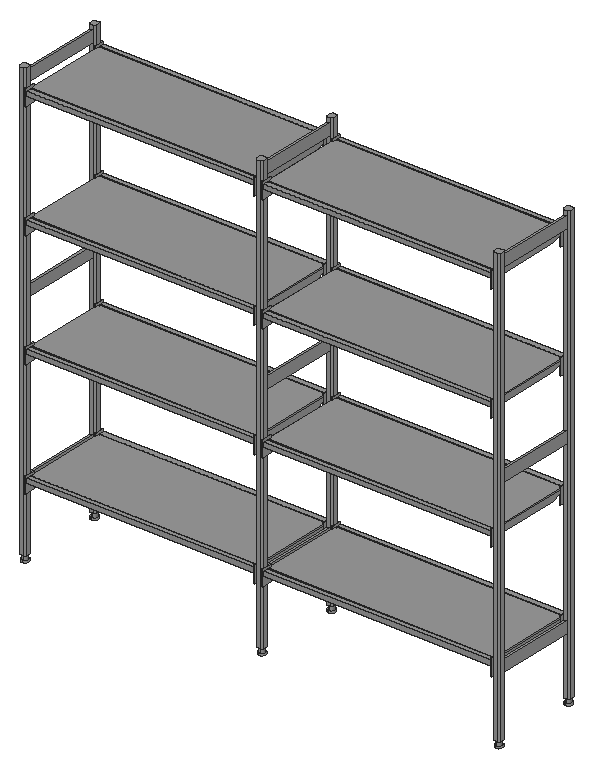
Revit family "QF_ZANUSSI_137022_ALS1872", category Attrezzature speciali, Revit 2020
Family settings
  Quota connettore circolare = Usa diametro
  Tipo di parte = Normale
  Basato su piano di lavoro = No
  Sempre verticale = Sì
  Taglio con vuoti quando caricato = No
  Condiviso = No
  Punto di calcolo locali = No
Parameters (values of type "Standard")
  Weight = 33.00 kg
  Watts = 0 W
  Volts = 0 V
  URL Manufacturer = "http://www.zanussiprofessional.com"
  URL = "http://www.zanussiprofessional.com"
  Steam Supply Size = 0 mm
  Steam Supply Minimum Pressure = 0.0 Pa
  Steam Supply Maximum Pressure = 0.0 Pa
  Steam Consumption per Hour = 0
  Refrigeration Suction Line Size = 0.0 mm
  Refrigeration Liquid Line Size = 0.0 mm
  Refrigerant Compressor Remote = yes
  Prospetto di default = 0.0 mm
  Phase = 0
  Modello = "ALS1872"
  Produttore = "Zanussi"
  Length Actual = 1872.0 mm  # constant formula
  Item Number = "137022"
  Hot Water Size = 0 mm
  Height Actual = 1700.0 mm  # constant formula
  HP = "0 HP"
  Gas Size = 0 mm
  Gas KW = 0
  Gas Input Pressure = 0 W
  Direct Waste Size = 0 mm
  Descrizione = "ALUM.LINEAR SHELV.-POLY.TIERS-373X1872MM"
  Depth Actual = 373.0 mm  # constant formula
  Cycle = 0 Hz
  Condensate Return Size = 0 mm
  Compressed Air Volume = 0.0 L/s
  Compressed Air Size = 0 mm
  Compressed Air Pressure = 0.0 Pa
  Cold Water Size = 0 mm
  Accessory = yes
Reference planes
  plane 1: z = 0
  plane 2 "CenterLeft": x = -31
  plane 3 "LEFT": x = -417
  plane 4 "BACK": y = 23
  plane 5 "FRONT": y = -350
  plane 6 "TOP": z = 1700
  plane 7: x = -385
  plane 8: x = 501
  plane 9 "Center (Front/Back)": y = -163.5
  plane 10: y = -8.5
  plane 11: y = -318.5
  plane 12 "FEET": z = 25
  plane 13: z = 275
  plane 14: z = 725
  plane 15: z = 1175
  plane 16: z = 1625
  plane 17 "CXLeft": x = -403
  plane 18 "Center (Left/Right)": x = 519
  plane 19: y = 5.5
  plane 20 "CYBack": y = 5.5
  plane 21 "CYFront": y = -332.5
  plane 22 "RIGHT": x = 1455
  plane 23: x = 1423
  plane 24 "CXRight": x = 1441
  plane 25: x = 537
Forms (mm)
  Extrusion 1, solid, material "QF_Aluminum"
    sketch origin (-417, 0, -4.006) x (0, 1, 0) y (0, 0, 1)
      loop
        line (-12, 1637.003) -> (4, 1637.003) -> (4, 1655) -> (2.007, 1655) -> (2.007, 1648.501) -> (-329, 1648.501) -> (-329, 1655) -> (-331, 1655) -> (-331, 1637.003) -> (-315, 1637.003) -> (-281, 1625) -> (-46, 1625) -> (-12, 1637.003)
      loop
        line (-12, 1187.003) -> (4, 1187.003) -> (4, 1205) -> (2.007, 1205) -> (2.007, 1198.501) -> (-329, 1198.501) -> (-329, 1205) -> (-331, 1205) -> (-331, 1187.003) -> (-315, 1187.003) -> (-281, 1175) -> (-46, 1175) -> (-12, 1187.003)
      loop
        line (-12, 737.003) -> (4, 737.003) -> (4, 755) -> (2.007, 755) -> (2.007, 748.501) -> (-329, 748.501) -> (-329, 755) -> (-331, 755) -> (-331, 737.003) -> (-315, 737.003) -> (-281, 725) -> (-46, 725) -> (-12, 737.003)
      loop
        line (-12, 287.003) -> (4, 287.003) -> (4, 305) -> (2.007, 305) -> (2.007, 298.501) -> (-329, 298.501) -> (-329, 305) -> (-331, 305) -> (-331, 287.003) -> (-315, 287.003) -> (-281, 275) -> (-46, 275) -> (-12, 287.003)
    from 37 to 32
  Extrusion 2, solid, material "QF_Aluminum"
    sketch origin (-417, 0, 0) x (0, 1, 0) y (0, 0, 1)
      loop
        line (23, 246.005) -> (23, 307.993) -> (-12.993, 307.993) -> (-12.993, 246.005) -> (23, 246.005)
      loop
        line (-350, 246.005) -> (-314.007, 246.005) -> (-314.007, 307.993) -> (-350, 307.993) -> (-350, 246.005)
      loop
        line (23, 696.005) -> (23, 757.993) -> (-12.993, 757.993) -> (-12.993, 696.005) -> (23, 696.005)
      loop
        line (-350, 696.005) -> (-314.007, 696.005) -> (-314.007, 757.993) -> (-350, 757.993) -> (-350, 696.005)
      loop
        line (23, 1146.005) -> (23, 1207.993) -> (-12.993, 1207.993) -> (-12.993, 1146.005) -> (23, 1146.005)
      loop
        line (-350, 1146.005) -> (-314.007, 1146.005) -> (-314.007, 1207.993) -> (-350, 1207.993) -> (-350, 1146.005)
      loop
        line (23, 1596.005) -> (23, 1657.993) -> (-12.993, 1657.993) -> (-12.993, 1596.005) -> (23, 1596.005)
      loop
        line (-350, 1596.005) -> (-314.007, 1596.005) -> (-314.007, 1657.993) -> (-350, 1657.993) -> (-350, 1596.005)
    from 28 to 32
  Extrusion 3, solid, material "QF_Aluminum"
    sketch origin (-417, 0, 0) x (0, 1, 0) y (0, 0, 1)
      loop
        line (4, 1650.994) -> (4, 1632.998) -> (23, 1632.998) -> (23, 1650.994) -> (4, 1650.994)
      loop
        line (-331, 1650.994) -> (-350, 1650.994) -> (-350, 1632.998) -> (-331, 1632.998) -> (-331, 1650.994)
      loop
        line (4, 1200.994) -> (4, 1182.998) -> (23, 1182.998) -> (23, 1200.994) -> (4, 1200.994)
      loop
        line (-331, 1200.994) -> (-350, 1200.994) -> (-350, 1182.998) -> (-331, 1182.998) -> (-331, 1200.994)
      loop
        line (4, 750.994) -> (4, 732.998) -> (23, 732.998) -> (23, 750.994) -> (4, 750.994)
      loop
        line (-331, 750.994) -> (-350, 750.994) -> (-350, 732.998) -> (-331, 732.998) -> (-331, 750.994)
      loop
        line (4, 300.994) -> (4, 282.998) -> (23, 282.998) -> (23, 300.994) -> (4, 300.994)
      loop
        line (-331, 300.994) -> (-350, 300.994) -> (-350, 282.998) -> (-331, 282.998) -> (-331, 300.994)
    from 32 to 918
  Extrusion 4, solid, material "QF_Polyethylene"
    sketch origin (-417, 0, 0) x (0, 1, 0) y (0, 0, 1)
      loop
        line (2.007, 1650.994) -> (-329, 1650.994) -> (-329, 1644.496) -> (2.007, 1644.496) -> (2.007, 1650.994)
      loop
        line (2.007, 1200.994) -> (-329, 1200.994) -> (-329, 1194.496) -> (2.007, 1194.496) -> (2.007, 1200.994)
      loop
        line (2.007, 750.994) -> (-329, 750.994) -> (-329, 744.496) -> (2.007, 744.496) -> (2.007, 750.994)
      loop
        line (2.007, 300.994) -> (-329, 300.994) -> (-329, 294.496) -> (2.007, 294.496) -> (2.007, 300.994)
    from 32 to 918
  Extrusion 5, solid, material "QF_Aluminum"
    sketch origin (1455, 0, 0) x (0, 1, 0) y (0, 0, 1)
      loop
        line (4, 1650.994) -> (4, 1632.998) -> (23, 1632.998) -> (23, 1650.994) -> (4, 1650.994)
      loop
        line (-331, 1650.994) -> (-350, 1650.994) -> (-350, 1632.998) -> (-331, 1632.998) -> (-331, 1650.994)
      loop
        line (4, 1200.994) -> (4, 1182.998) -> (23, 1182.998) -> (23, 1200.994) -> (4, 1200.994)
      loop
        line (-331, 1200.994) -> (-350, 1200.994) -> (-350, 1182.998) -> (-331, 1182.998) -> (-331, 1200.994)
      loop
        line (4, 750.994) -> (4, 732.998) -> (23, 732.998) -> (23, 750.994) -> (4, 750.994)
      loop
        line (-331, 750.994) -> (-350, 750.994) -> (-350, 732.998) -> (-331, 732.998) -> (-331, 750.994)
      loop
        line (4, 300.994) -> (4, 282.998) -> (23, 282.998) -> (23, 300.994) -> (4, 300.994)
      loop
        line (-331, 300.994) -> (-350, 300.994) -> (-350, 282.998) -> (-331, 282.998) -> (-331, 300.994)
    from -32 to -918
  Extrusion 6, solid, material "QF_Polyethylene"
    sketch origin (1455, 0, 0) x (0, 1, 0) y (0, 0, 1)
      loop
        line (2.007, 1650.994) -> (-329, 1650.994) -> (-329, 1644.496) -> (2.007, 1644.496) -> (2.007, 1650.994)
      loop
        line (2.007, 1200.994) -> (-329, 1200.994) -> (-329, 1194.496) -> (2.007, 1194.496) -> (2.007, 1200.994)
      loop
        line (2.007, 750.994) -> (-329, 750.994) -> (-329, 744.496) -> (2.007, 744.496) -> (2.007, 750.994)
      loop
        line (2.007, 300.994) -> (-329, 300.994) -> (-329, 294.496) -> (2.007, 294.496) -> (2.007, 300.994)
    from -32 to -918
Lines and regions (mm)
  symbolic lines
    curve 1: line (501, 4, 1700) -> (-385, 4, 1700)
    curve 2: line (-408, -8.5, 1700) -> (-408, -318.5, 1700)
    curve 3: line (-398, -318.5, 1700) -> (-398, -8.5, 1700)
    curve 4: line (-389, 23, 1700) -> (505, 23, 1700)
    curve 5: line (-385, -350, 1700) -> (501, -350, 1700)
    curve 6: line (533, 23, 1700) -> (1427, 23, 1700)
    curve 7: line (533, -350, 1700) -> (1427, -350, 1700)
    curve 8: line (-385, -331, 1700) -> (501, -331, 1700)
    curve 9: line (537, -331, 1700) -> (1423, -331, 1700)
    curve 10: line (537, 4, 1700) -> (1423, 4, 1700)
    curve 11: line (1423, -12.993, 1700) -> (1423, -314.007, 1700)
    curve 12: line (501, -12.993, 1700) -> (501, -314.007, 1700)
    curve 13: line (537, -314.007, 1700) -> (537, -12.993, 1700)
    curve 14: line (-385, -12.993, 1700) -> (-385, -314.007, 1700)
Dimensions and locks
  plane 3 "LEFT" to plane 2 "CenterLeft" = 386.0 mm
  locked: plane 6 "TOP" to level at 1700
  locked: plane 4 "BACK" to plane 5 "FRONT" at 373
  locked: plane 7 to plane 8 at 886
  locked: plane 10 to plane 11 at 310
  equal spacing: plane 10, plane 9 "Center (Front/Back)", plane 11
  equal spacing: plane 4 "BACK", plane 9 "Center (Front/Back)", plane 5 "FRONT"
  plane 12 "FEET" to level = 25.0 mm
  plane 6 "TOP" to plane 12 "FEET" = 1675.0 mm
  plane 13 to plane 12 "FEET" = 250.0 mm
  plane 14 to plane 13 = 450.0 mm
  plane 15 to plane 14 = 450.0 mm
  plane 16 to plane 15 = 450.0 mm
  locked: plane 4 "BACK" to plane 20 "CYBack" at 17.5
  locked: plane 21 "CYFront" to plane 5 "FRONT" at 17.5
  locked: plane 4 "BACK" to Extrusion 1 at 19
  locked: Extrusion 1 to plane 5 "FRONT" at 19
  Extrusion 1 sketch curve to plane 21 "CYFront" = 3.5 mm
  plane 3 "LEFT" to plane 22 "RIGHT" = 1872.0 mm
  locked: plane 25 to plane 23 at 886
  locked: plane 8 to plane 18 "Center (Left/Right)" at 18
  locked: plane 18 "Center (Left/Right)" to plane 25 at 18
  locked: plane 3 "LEFT" to plane 7 at 32
  locked: plane 24 "CXRight" to plane 22 "RIGHT" at 14
  aligned and locked: level to plane 1
  aligned and locked: plane 7 to Extrusion 1
  aligned and locked: Extrusion 2 to plane 7
  aligned and locked: plane 7 to Extrusion 4
  aligned and locked: Extrusion 4 to plane 8
  aligned and locked: plane 7 to Extrusion 3
  aligned and locked: Extrusion 3 to plane 8
  aligned and locked: Extrusion 3 sketch curve to Extrusion 1
  aligned and locked: Extrusion 1 to Extrusion 3 sketch curve
  aligned and locked: Extrusion 3 sketch curve to Extrusion 3 sketch curve  (x2)
  aligned and locked: Extrusion 1 sketch curve to Extrusion 1 sketch curve  (x3)
  aligned and locked: Extrusion 4 sketch curve to Extrusion 1  (x4)
  aligned and locked: Extrusion 5 sketch curve to Extrusion 5 sketch curve  (x2)
  aligned and locked: Extrusion 5 to plane 25
  aligned and locked: Extrusion 6 to plane 25
  aligned and locked: plane 18 "Center (Left/Right)" to nested 3
  aligned and locked: plane 17 "CXLeft" to nested 1
  aligned and locked: Extrusion 3 to plane 7  (x3)
  aligned and locked: plane 8 to Extrusion 3  (x4)
  aligned and locked: plane 25 to Extrusion 5  (x4)
  aligned and locked: plane 25 to Extrusion 6  (x4)
  aligned and locked: plane 8 to Extrusion 4  (x4)
  aligned and locked: plane 24 "CXRight" to nested 2
  aligned and locked: Extrusion 5 to plane 23
  aligned and locked: Extrusion 6 to plane 23
  aligned and locked: plane 23 to Extrusion 5  (x3)
  aligned and locked: plane 23 to Extrusion 6  (x3)
Automatic sketch dimensions
  plane 21 "CYFront" to Extrusion 1 sketch curve = 1.5 mm  (x4)
  plane 11 to Extrusion 1 sketch curve = 3.5 mm  (x4)
  Extrusion 1 sketch curve to plane 13 = 4.006 mm
  Extrusion 1 sketch curve to Extrusion 1 sketch curve = 34.0 mm  (x4)
  Extrusion 1 sketch curve to plane 14 = 4.006 mm
  Extrusion 1 sketch curve to plane 15 = 4.006 mm
  Extrusion 1 sketch curve to plane 16 = 4.006 mm
  Extrusion 1 sketch curve to plane 10 = 37.5 mm  (x4)
  Extrusion 1 sketch curve to plane 10 = 3.5 mm  (x4)
  plane 19 to Extrusion 1 sketch curve = 3.493 mm  (x4)
  plane 19 to Extrusion 1 sketch curve = 1.5 mm  (x4)
  plane 13 to Extrusion 1 sketch curve = 7.998 mm  (x2)
  Extrusion 1 sketch curve to Extrusion 1 sketch curve = 11.498 mm  (x4)
  Extrusion 1 sketch curve to Extrusion 1 sketch curve = 6.499 mm  (x8)
  plane 14 to Extrusion 1 sketch curve = 7.998 mm  (x2)
  plane 15 to Extrusion 1 sketch curve = 7.998 mm  (x2)
  plane 16 to Extrusion 1 sketch curve = 7.998 mm  (x2)
  Extrusion 2 sketch curve to plane 5 "FRONT" = 0.0 mm  (x4)
  Extrusion 2 sketch curve to plane 4 "BACK" = 0.0 mm  (x4)
  plane 11 to Extrusion 2 sketch curve = 4.493 mm  (x4)
  Extrusion 2 sketch curve to plane 10 = 4.493 mm  (x4)
  Extrusion 2 sketch curve to plane 13 = 28.995 mm  (x2)
  plane 13 to Extrusion 2 sketch curve = 32.993 mm  (x2)
  Extrusion 2 sketch curve to plane 14 = 28.995 mm  (x2)
  plane 14 to Extrusion 2 sketch curve = 32.993 mm  (x2)
  Extrusion 2 sketch curve to plane 15 = 28.995 mm  (x2)
  plane 15 to Extrusion 2 sketch curve = 32.993 mm  (x2)
  Extrusion 2 sketch curve to plane 16 = 28.995 mm  (x2)
  plane 16 to Extrusion 2 sketch curve = 32.993 mm  (x2)
  Extrusion 3 sketch curve to plane 5 "FRONT" = 0.0 mm  (x4)
  Extrusion 3 sketch curve to plane 4 "BACK" = 0.0 mm  (x4)
  plane 19 to Extrusion 3 sketch curve = 1.5 mm  (x4)
  plane 13 to Extrusion 3 sketch curve = 7.998 mm  (x2)
  Extrusion 3 sketch curve to Extrusion 3 sketch curve = 17.997 mm  (x8)
  plane 14 to Extrusion 3 sketch curve = 7.998 mm  (x2)
  plane 15 to Extrusion 3 sketch curve = 7.998 mm  (x2)
  plane 16 to Extrusion 3 sketch curve = 7.998 mm  (x2)
  plane 19 to Extrusion 4 sketch curve = 3.493 mm  (x4)
  plane 13 to Extrusion 4 sketch curve = 19.496 mm
  Extrusion 4 sketch curve to Extrusion 4 sketch curve = 6.499 mm  (x4)
  plane 14 to Extrusion 4 sketch curve = 19.496 mm
  plane 15 to Extrusion 4 sketch curve = 19.496 mm
  plane 16 to Extrusion 4 sketch curve = 19.496 mm
  Extrusion 5 sketch curve to plane 5 "FRONT" = 0.0 mm  (x4)
  Extrusion 5 sketch curve to plane 4 "BACK" = 0.0 mm  (x4)
  plane 21 "CYFront" to Extrusion 5 sketch curve = 1.5 mm  (x2)
  plane 19 to Extrusion 5 sketch curve = 1.5 mm  (x4)
  plane 13 to Extrusion 5 sketch curve = 7.998 mm  (x2)
  Extrusion 5 sketch curve to Extrusion 5 sketch curve = 17.997 mm  (x8)
  plane 14 to Extrusion 5 sketch curve = 7.998 mm  (x2)
  plane 15 to Extrusion 5 sketch curve = 7.998 mm  (x2)
  plane 16 to Extrusion 5 sketch curve = 7.998 mm  (x2)
  plane 21 "CYFront" to Extrusion 6 sketch curve = 3.5 mm  (x4)
  plane 19 to Extrusion 6 sketch curve = 3.493 mm  (x4)
  plane 13 to Extrusion 6 sketch curve = 19.496 mm
  Extrusion 6 sketch curve to Extrusion 6 sketch curve = 6.499 mm  (x4)
  plane 14 to Extrusion 6 sketch curve = 19.496 mm
  plane 15 to Extrusion 6 sketch curve = 19.496 mm
  plane 16 to Extrusion 6 sketch curve = 19.496 mm
  curve 7 to plane 5 "FRONT" = 0.0 mm
  curve 5 to plane 5 "FRONT" = 0.0 mm
  curve 8 to plane 8 = 0.0 mm
  curve 9 to plane 25 = 0.0 mm
  curve 9 to plane 23 = 0.0 mm
  curve 8 to plane 7 = 0.0 mm
  curve 2 to plane 11 = 0.0 mm
  curve 3 to plane 11 = 0.0 mm
  curve 14 to plane 7 = 0.0 mm
  curve 13 to plane 25 = 0.0 mm
  curve 12 to plane 8 = 0.0 mm
  curve 11 to plane 23 = 0.0 mm
  curve 3 to plane 10 = 0.0 mm
  curve 2 to plane 10 = 0.0 mm
  curve 1 to plane 8 = 0.0 mm
  curve 1 to plane 7 = 0.0 mm
  curve 10 to plane 23 = 0.0 mm
  curve 10 to plane 25 = 0.0 mm
  curve 4 to plane 4 "BACK" = 0.0 mm
  curve 6 to plane 4 "BACK" = 0.0 mm
  curve 5 to plane 8 = 0.0 mm
  curve 5 to plane 7 = 0.0 mm
  plane 21 "CYFront" to curve 8 = 1.5 mm
  plane 21 "CYFront" to curve 9 = 1.5 mm
  plane 11 to curve 14 = 4.493 mm
  plane 11 to curve 13 = 4.493 mm
  plane 11 to curve 12 = 4.493 mm
  plane 11 to curve 11 = 4.493 mm
  curve 14 to plane 10 = 4.493 mm
  curve 13 to plane 10 = 4.493 mm
  curve 12 to plane 10 = 4.493 mm
  curve 11 to plane 10 = 4.493 mm
  plane 19 to curve 1 = 1.5 mm
  plane 19 to curve 10 = 1.5 mm
  curve 6 to plane 23 = 4.0 mm
  curve 7 to plane 23 = 4.0 mm
  curve 6 to plane 25 = 4.0 mm
  curve 7 to plane 25 = 4.0 mm
  curve 4 to plane 8 = 4.0 mm
  plane 7 to curve 4 = 4.0 mm
  plane 17 "CXLeft" to curve 3 = 5.0 mm
  curve 2 to plane 17 "CXLeft" = 5.0 mm
Nested families
  nested 1: "WT_Anta373" at (0, 0, 0), type "WT_Anta373"
  nested 2: "WT_Anta373" at (1038, 0, 0) x (-1, 0, 0) z (0, 0, 1), type "WT_Anta373"
  nested 3: "WT_Anta373Center" at (922, 0, 0), type "WT_Anta373Center"
Definition of nested family "WT_Anta373"
  Parameters
    WidthLeft = A + 64.0 mm  # 772.0 mm
    Width = 1606.0 mm
    Right = WidthLeft / 2  # 386.0 mm
    Default Elevation = 0.0 mm
    Left = -WidthLeft / 2  # -386.0 mm
    Height = 1725.0 mm
    FEET = 25.0 mm
    E = 0.0 mm
    Dint = Depth - 63.0 mm  # 310.0 mm
    Dext = Depth - 8.0 mm  # 365.0 mm
    Depth = 373.0 mm
    DX = (WidthLeft - A) / 2  # 32.0 mm
    B = 798.0 mm
    A = 708.0 mm
  Reference planes
    plane 1: z = 0
    plane 2 "LEFT": x = -417
    plane 3 "BACK": y = 23
    plane 4 "FRONT": y = -350
    plane 5 "TOP": z = 1725
    plane 6 "Center (Front/Back)": y = -163.5
    plane 7: y = -8.5
    plane 8: y = -318.5
    plane 9 "FEET": z = 25
    plane 10: z = 275
    plane 11: z = 725
    plane 12: z = 1175
    plane 13: z = 1625
    plane 14 "CXLeft": x = -403
    plane 15: y = 5.5
    plane 16 "CYBack": y = 5.5
    plane 17 "CYFront": y = -332.5
    plane 18: x = -385.031
    plane 19: x = -380.031
  Forms (mm)
    Extrusion 1, solid
      sketch origin (0, 0, 0) x (1, 0, 0) y (0, 1, 0)
        loop
          line (-417, 13.246) -> (-417, -2.246) -> (-410.746, -8.5) -> (-395.254, -8.5) -> (-389, -2.246) -> (-389, 13.246) -> (-395.254, 19.5) -> (-410.746, 19.5) -> (-417, 13.246)
      from 1725 to 25
    Extrusion 2, solid
      sketch origin (-417, 0, 0) x (0, 1, 0) y (0, 0, 1)
        loop
          line (23, 246.005) -> (23, 307.993) -> (-12.993, 307.993) -> (-12.993, 246.005) -> (23, 246.005)
        loop
          line (-350, 246.005) -> (-314.007, 246.005) -> (-314.007, 307.993) -> (-350, 307.993) -> (-350, 246.005)
        loop
          line (23, 696.005) -> (23, 757.993) -> (-12.993, 757.993) -> (-12.993, 696.005) -> (23, 696.005)
        loop
          line (-350, 696.005) -> (-314.007, 696.005) -> (-314.007, 757.993) -> (-350, 757.993) -> (-350, 696.005)
        loop
          line (23, 1146.005) -> (23, 1207.993) -> (-12.993, 1207.993) -> (-12.993, 1146.005) -> (23, 1146.005)
        loop
          line (-350, 1146.005) -> (-314.007, 1146.005) -> (-314.007, 1207.993) -> (-350, 1207.993) -> (-350, 1146.005)
        loop
          line (23, 1596.005) -> (23, 1657.993) -> (-12.993, 1657.993) -> (-12.993, 1596.005) -> (23, 1596.005)
        loop
          line (-350, 1596.005) -> (-314.007, 1596.005) -> (-314.007, 1657.993) -> (-350, 1657.993) -> (-350, 1596.005)
      from 28 to 32
    Revolve 3, solid
      sketch origin (-403, 0, 0) x (0, 1, 0) y (0, 0, 1)
        loop
          line (5.5, 25) -> (5.5, 0) -> (19, 0) -> (19, 5) -> (14, 5) -> (14, 25) -> (5.5, 25)
        axis (5.5, 25) -> (5.5, 0)
      angle from 0 to 360
    Extrusion 4, solid
      sketch origin (-403, 0, 0) x (0, 1, 0) y (0, 0, 1)
        loop
          line (-8.5, 912.382) -> (-8.5, 957.374) -> (-318.5, 957.374) -> (-318.5, 912.382) -> (-8.5, 912.382)
        loop
          line (-8.5, 1662.244) -> (-8.5, 1707.236) -> (-318.5, 1707.236) -> (-318.5, 1662.244) -> (-8.5, 1662.244)
      from -5 to 5
    Revolve 5, solid
      sketch origin (-403, -627, 0) x (0, -1, 0) y (0, 0, 1)
        loop
          line (-294.5, 25) -> (-294.5, 0) -> (-281, 0) -> (-281, 5) -> (-286, 5) -> (-286, 25) -> (-294.5, 25)
        axis (-294.5, 25) -> (-294.5, 0)
      angle from 0 to 360
    Extrusion 6, solid
      sketch origin (0, -627, 0) x (1, 0, 0) y (0, 1, 0)
        loop
          line (-417, 286.754) -> (-410.746, 280.5) -> (-395.254, 280.5) -> (-389, 286.754) -> (-389, 302.246) -> (-395.254, 308.5) -> (-410.746, 308.5) -> (-417, 302.246) -> (-417, 286.754)
      from 1725 to 25
    Extrusion 7, solid
      sketch origin (-417.031, -0.022, 0) x (0, 1, 0) y (0, 0, -1)
        loop
          line (-12, -1632.998) -> (-46, -1620.994) -> (-281, -1620.994) -> (-315, -1632.998) -> (-331, -1632.998) -> (-331, -1650.994) -> (-329, -1650.994) -> (-329, -1644.496) -> (2.007, -1644.496) -> (2.007, -1650.994) -> (4, -1650.994) -> (4, -1632.998) -> (-12, -1632.998)
        loop
          line (-12, -1182.998) -> (-46, -1170.994) -> (-281, -1170.994) -> (-315, -1182.998) -> (-331, -1182.998) -> (-331, -1200.994) -> (-329, -1200.994) -> (-329, -1194.496) -> (2.007, -1194.496) -> (2.007, -1200.994) -> (4, -1200.994) -> (4, -1182.998) -> (-12, -1182.998)
        loop
          line (-12, -732.998) -> (-46, -720.994) -> (-281, -720.994) -> (-315, -732.998) -> (-331, -732.998) -> (-331, -750.994) -> (-329, -750.994) -> (-329, -744.496) -> (2.007, -744.496) -> (2.007, -750.994) -> (4, -750.994) -> (4, -732.998) -> (-12, -732.998)
        loop
          line (-12, -282.998) -> (-46, -270.994) -> (-281, -270.994) -> (-315, -282.998) -> (-331, -282.998) -> (-331, -300.994) -> (-329, -300.994) -> (-329, -294.496) -> (2.007, -294.496) -> (2.007, -300.994) -> (4, -300.994) -> (4, -282.998) -> (-12, -282.998)
      from -32 to -37
    Extrusion 8, solid
      sketch origin (-403, 0, -659.878) x (0, 1, 0) y (0, 0, 1)
        loop
          line (-8.5, 912.382) -> (-8.5, 957.374) -> (-318.5, 957.374) -> (-318.5, 912.382) -> (-8.5, 912.382)
        loop
          line (-8.5, 1572.382) -> (-8.5, 1617.374) -> (-318.5, 1617.374) -> (-318.5, 1572.382) -> (-8.5, 1572.382)
        loop
          line (-8.5, 2322.382) -> (-8.5, 2367.374) -> (-318.5, 2367.374) -> (-318.5, 2322.382) -> (-8.5, 2322.382)
      from -5 to 5
  Lines and regions (mm)
    symbolic lines
      curve 1: line (-408, -8.5, 1725) -> (-408, -318.5, 1725)
      curve 2: line (-398, -318.5, 1725) -> (-398, -8.5, 1725)
      curve 3: line (-395.254, -8.5, 1725) -> (-410.746, -8.5, 1725)
      curve 4: line (-417, -2.246, 1725) -> (-410.746, -8.5, 1725)
      curve 5: line (-417, 13.246, 1725) -> (-417, -2.246, 1725)
      curve 6: line (-410.746, 19.5, 1725) -> (-417, 13.246, 1725)
      curve 7: line (-395.254, 19.5, 1725) -> (-410.746, 19.5, 1725)
      curve 8: line (-389, 13.246, 1725) -> (-395.254, 19.5, 1725)
      curve 9: line (-395.254, -8.5, 1725) -> (-389, -2.246, 1725)
      curve 10: line (-395.254, -318.5, 1725) -> (-410.746, -318.5, 1725)
      curve 11: line (-417, -324.754, 1725) -> (-410.746, -318.5, 1725)
      curve 12: line (-410.746, -346.5, 1725) -> (-417, -340.246, 1725)
      curve 13: line (-395.254, -346.5, 1725) -> (-410.746, -346.5, 1725)
      curve 14: line (-389, -340.246, 1725) -> (-395.254, -346.5, 1725)
      curve 15: line (-395.254, -318.5, 1725) -> (-389, -324.754, 1725)
      curve 16: line (-389, -350, 1725) -> (-389, -314.007, 1725)
      curve 17: line (-389, -314.007, 1725) -> (-385, -314.007, 1725)
      curve 18: line (-389, 23, 1725) -> (-389, -12.993, 1725)
      curve 19: line (-389, -12.993, 1725) -> (-385, -12.993, 1725)
      curve 20: line (-417, -324.754, 1725) -> (-417, -340.246, 1725)
      curve 21: line (-385, -350, 1725) -> (-385, -314.007, 1725)
      curve 22: line (-385, -350, 1725) -> (-389, -350, 1725)
      curve 23: line (-385, 23, 1725) -> (-389, 23, 1725)
      curve 24: line (-385, -12.993, 1725) -> (-385, 23, 1725)
      curve 25: line (-385.031, -13.016, 1725) -> (-385.031, -314.029, 1725)
  Dimensions and locks
    "Height": plane 5 "TOP" to level
    "Depth": plane 3 "BACK" to plane 4 "FRONT"
    "Dint": plane 7 to plane 8
    equal spacing: plane 7, plane 6 "Center (Front/Back)", plane 8
    equal spacing: plane 3 "BACK", plane 6 "Center (Front/Back)", plane 4 "FRONT"
    plane 9 "FEET" to level = 25.0 mm
    plane 5 "TOP" to plane 9 "FEET" = 1700.0 mm
    plane 10 to plane 9 "FEET" = 250.0 mm
    plane 11 to plane 10 = 450.0 mm
    plane 12 to plane 11 = 450.0 mm
    plane 13 to plane 12 = 450.0 mm
    locked: plane 2 "LEFT" to plane 14 "CXLeft" at 14
    locked: plane 3 "BACK" to plane 16 "CYBack" at 17.5
    locked: plane 17 "CYFront" to plane 4 "FRONT" at 17.5
    locked: Revolve 3 sketch curve to Revolve 3 sketch curve at 8.5
    locked: Revolve 3 sketch curve to plane 16 "CYBack" at 13.5
    locked: Revolve 5 sketch curve to Revolve 5 sketch curve at 8.5
    aligned and locked: level to plane 1
    aligned and locked: curve 20 to Extrusion 6
    aligned and locked: plane 5 "TOP" to Extrusion 1
    aligned and locked: plane 5 "TOP" to Extrusion 6
    aligned and locked: Extrusion 7 sketch curve to Extrusion 7 sketch curve  (x3)
  Automatic sketch dimensions
    curve 16 to plane 4 "FRONT" = 0.0 mm
    curve 11 to plane 8 = 0.0 mm
    curve 9 to plane 7 = 0.0 mm
    curve 5 to plane 2 "LEFT" = 0.0 mm
    curve 23 to plane 3 "BACK" = 0.0 mm
    plane 4 "FRONT" to curve 13 = 3.5 mm
    curve 20 to plane 17 "CYFront" = 7.746 mm
    curve 20 to plane 8 = 6.254 mm
    plane 8 to curve 16 = 4.493 mm
    curve 24 to plane 18 = 0.031 mm
    curve 24 to plane 7 = 4.493 mm
    plane 7 to curve 5 = 6.254 mm
    curve 5 to plane 15 = 7.746 mm
    curve 6 to plane 3 "BACK" = 3.5 mm
    curve 21 to plane 18 = 0.031 mm
    plane 18 to curve 23 = 3.969 mm
    plane 18 to curve 16 = 3.969 mm
    curve 18 to curve 8 = 6.254 mm
    curve 18 to curve 3 = 6.254 mm
    curve 16 to curve 13 = 6.254 mm
    curve 16 to curve 15 = 6.254 mm
    plane 2 "LEFT" to curve 10 = 6.254 mm
    plane 2 "LEFT" to curve 7 = 6.254 mm
    plane 2 "LEFT" to curve 12 = 6.254 mm
    plane 2 "LEFT" to curve 3 = 6.254 mm
    curve 14 to plane 17 "CYFront" = 7.746 mm
    curve 15 to plane 8 = 6.254 mm
    plane 7 to curve 9 = 6.254 mm
    curve 8 to plane 15 = 7.746 mm
    curve 3 to curve 2 = 2.746 mm
    curve 1 to curve 10 = 2.746 mm
    Extrusion 1 sketch curve to plane 2 "LEFT" = 0.0 mm
    Extrusion 1 sketch curve to plane 7 = 0.0 mm
    plane 2 "LEFT" to Extrusion 1 sketch curve = 6.254 mm  (x2)
    plane 14 "CXLeft" to Extrusion 1 sketch curve = 7.746 mm  (x2)
    Extrusion 1 sketch curve to plane 3 "BACK" = 3.5 mm
    plane 18 to Extrusion 1 sketch curve = 3.969 mm
    plane 7 to Extrusion 1 sketch curve = 6.254 mm  (x2)
    Extrusion 1 sketch curve to plane 15 = 7.746 mm  (x2)
    Extrusion 2 sketch curve to plane 4 "FRONT" = 0.0 mm  (x4)
    Extrusion 2 sketch curve to plane 3 "BACK" = 0.0 mm  (x4)
    plane 8 to Extrusion 2 sketch curve = 4.493 mm  (x4)
    Extrusion 2 sketch curve to plane 7 = 4.493 mm  (x4)
    Extrusion 2 sketch curve to plane 10 = 28.995 mm  (x2)
    plane 10 to Extrusion 2 sketch curve = 32.993 mm  (x2)
    Extrusion 2 sketch curve to plane 11 = 28.995 mm  (x2)
    plane 11 to Extrusion 2 sketch curve = 32.993 mm  (x2)
    Extrusion 2 sketch curve to plane 12 = 28.995 mm  (x2)
    plane 12 to Extrusion 2 sketch curve = 32.993 mm  (x2)
    Extrusion 2 sketch curve to plane 13 = 28.995 mm  (x2)
    plane 13 to Extrusion 2 sketch curve = 32.993 mm  (x2)
    Revolve 3 sketch curve to plane 9 "FEET" = 0.0 mm  (x2)
    Revolve 3 sketch curve to plane 15 = 0.0 mm  (x2)
    Revolve 3 sketch curve to level = 0.0 mm
    level to Revolve 3 sketch curve = 5.0 mm
    Revolve 3 sketch curve to Revolve 3 sketch curve = 11.655 mm
    Extrusion 4 sketch curve to plane 8 = 0.0 mm  (x2)
    Extrusion 4 sketch curve to plane 7 = 0.0 mm  (x2)
    plane 11 to Extrusion 4 sketch curve = 187.382 mm
    Extrusion 4 sketch curve to Extrusion 4 sketch curve = 44.992 mm
    plane 13 to Extrusion 4 sketch curve = 37.244 mm
    Extrusion 4 sketch curve to plane 5 "TOP" = 17.764 mm
    Revolve 5 sketch curve to plane 9 "FEET" = 0.0 mm  (x2)
    Revolve 5 sketch curve to plane 17 "CYFront" = 0.0 mm  (x2)
    Revolve 5 sketch curve to level = 0.0 mm
    Revolve 5 sketch curve to plane 4 "FRONT" = 4.0 mm
    Revolve 5 sketch curve to Revolve 5 sketch curve = 5.0 mm
    level to Revolve 5 sketch curve = 11.655 mm
    Extrusion 6 sketch curve to plane 2 "LEFT" = 0.0 mm
    Extrusion 6 sketch curve to plane 8 = 0.0 mm
    Extrusion 6 sketch curve to plane 2 "LEFT" = 6.254 mm  (x2)
    Extrusion 6 sketch curve to plane 14 "CXLeft" = 7.746 mm  (x2)
    Extrusion 6 sketch curve to plane 4 "FRONT" = 3.5 mm
    Extrusion 6 sketch curve to plane 18 = 3.969 mm
    plane 8 to Extrusion 6 sketch curve = 6.254 mm  (x2)
    plane 17 "CYFront" to Extrusion 6 sketch curve = 7.746 mm  (x2)
    plane 17 "CYFront" to Extrusion 7 sketch curve = 1.478 mm  (x4)
    Extrusion 7 sketch curve to Extrusion 7 sketch curve = 2.0 mm
    plane 8 to Extrusion 7 sketch curve = 3.478 mm  (x4)
    Extrusion 7 sketch curve to plane 10 = 4.006 mm
    Extrusion 7 sketch curve to Extrusion 7 sketch curve = 34.0 mm  (x4)
    Extrusion 7 sketch curve to plane 11 = 4.006 mm
    Extrusion 7 sketch curve to plane 12 = 4.006 mm
    Extrusion 7 sketch curve to plane 13 = 4.006 mm
    Extrusion 7 sketch curve to plane 7 = 37.522 mm  (x4)
    Extrusion 7 sketch curve to plane 7 = 3.522 mm  (x4)
    plane 15 to Extrusion 7 sketch curve = 3.516 mm  (x4)
    plane 15 to Extrusion 7 sketch curve = 1.522 mm  (x4)
    plane 13 to Extrusion 7 sketch curve = 7.998 mm  (x2)
    Extrusion 7 sketch curve to Extrusion 7 sketch curve = 11.498 mm
    Extrusion 7 sketch curve to Extrusion 7 sketch curve = 6.499 mm  (x5)
    plane 12 to Extrusion 7 sketch curve = 25.994 mm  (x2)
    plane 12 to Extrusion 7 sketch curve = 7.998 mm  (x2)
    plane 11 to Extrusion 7 sketch curve = 25.994 mm  (x2)
    plane 11 to Extrusion 7 sketch curve = 7.998 mm  (x2)
    plane 10 to Extrusion 7 sketch curve = 25.994 mm  (x2)
    plane 10 to Extrusion 7 sketch curve = 7.998 mm  (x2)
    curve 25 to plane 18 = 0.0 mm
    plane 8 to curve 25 = 4.471 mm
    curve 25 to plane 7 = 4.516 mm
    Extrusion 8 sketch curve to plane 8 = 0.0 mm  (x3)
    Extrusion 8 sketch curve to plane 7 = 0.0 mm  (x3)
    Extrusion 8 sketch curve to plane 10 = 22.496 mm
    plane 10 to Extrusion 8 sketch curve = 22.496 mm
    plane 11 to Extrusion 8 sketch curve = 187.504 mm
    Extrusion 8 sketch curve to Extrusion 8 sketch curve = 44.992 mm
    plane 13 to Extrusion 8 sketch curve = 37.504 mm
    Extrusion 8 sketch curve to plane 5 "TOP" = 17.504 mm
Definition of nested family "WT_Anta373Center"
  Parameters
    WidthLeft = A + 64.0 mm  # 772.0 mm
    Width = 1606.0 mm
    Right = WidthLeft / 2  # 386.0 mm
    Default Elevation = 0.0 mm
    Left = -WidthLeft / 2  # -386.0 mm
    Height = 1725.0 mm
    FEET = 25.0 mm
    E = 0.0 mm
    Dint = Depth - 63.0 mm  # 310.0 mm
    Dext = Depth - 8.0 mm  # 365.0 mm
    Depth = 373.0 mm
    DX = (WidthLeft - A) / 2  # 32.0 mm
    B = 798.0 mm
    A = 708.0 mm
  Reference planes
    plane 1: z = 0
    plane 2 "L": x = -417
    plane 3 "BACK": y = 23
    plane 4 "FRONT": y = -350
    plane 5 "TOP": z = 1725
    plane 6 "Center (Front/Back)": y = -163.5
    plane 7: y = -8.5
    plane 8: y = -318.5
    plane 9 "FEET": z = 25
    plane 10: z = 275
    plane 11: z = 725
    plane 12: z = 1175
    plane 13: z = 1625
    plane 14 "CXLeft": x = -403
    plane 15: y = 5.5
    plane 16 "CYBack": y = 5.5
    plane 17 "CYFront": y = -332.5
    plane 18: x = -385.031
    plane 19 "RIGHT": x = -380.031
    plane 20: x = -420.969
    plane 21 "LEFT": x = -425.969
  Forms (mm)
    Extrusion 1, solid
      sketch origin (0, 0, 0) x (1, 0, 0) y (0, 1, 0)
        loop
          line (-417, 13.246) -> (-417, -2.246) -> (-410.746, -8.5) -> (-395.254, -8.5) -> (-389, -2.246) -> (-389, 13.246) -> (-395.254, 19.5) -> (-410.746, 19.5) -> (-417, 13.246)
      from 1725 to 25
    Extrusion 2, solid
      sketch origin (-417, 0, 0) x (0, 1, 0) y (0, 0, 1)
        loop
          line (23, 246.005) -> (23, 307.993) -> (-12.993, 307.993) -> (-12.993, 246.005) -> (23, 246.005)
        loop
          line (-350, 246.005) -> (-314.007, 246.005) -> (-314.007, 307.993) -> (-350, 307.993) -> (-350, 246.005)
        loop
          line (23, 696.005) -> (23, 757.993) -> (-12.993, 757.993) -> (-12.993, 696.005) -> (23, 696.005)
        loop
          line (-350, 696.005) -> (-314.007, 696.005) -> (-314.007, 757.993) -> (-350, 757.993) -> (-350, 696.005)
        loop
          line (23, 1146.005) -> (23, 1207.993) -> (-12.993, 1207.993) -> (-12.993, 1146.005) -> (23, 1146.005)
        loop
          line (-350, 1146.005) -> (-314.007, 1146.005) -> (-314.007, 1207.993) -> (-350, 1207.993) -> (-350, 1146.005)
        loop
          line (23, 1596.005) -> (23, 1657.993) -> (-12.993, 1657.993) -> (-12.993, 1596.005) -> (23, 1596.005)
        loop
          line (-350, 1596.005) -> (-314.007, 1596.005) -> (-314.007, 1657.993) -> (-350, 1657.993) -> (-350, 1596.005)
      from 28 to 32
    Revolve 3, solid
      sketch origin (-403, 0, 0) x (0, 1, 0) y (0, 0, 1)
        loop
          line (5.5, 25) -> (5.5, 0) -> (19, 0) -> (19, 5) -> (14, 5) -> (14, 25) -> (5.5, 25)
        axis (5.5, 25) -> (5.5, 0)
      angle from 0 to 360
    Extrusion 4, solid
      sketch origin (-403, 0, 0) x (0, 1, 0) y (0, 0, 1)
        loop
          line (-8.5, 912.382) -> (-8.5, 957.374) -> (-318.5, 957.374) -> (-318.5, 912.382) -> (-8.5, 912.382)
        loop
          line (-8.5, 1662.244) -> (-8.5, 1707.236) -> (-318.5, 1707.236) -> (-318.5, 1662.244) -> (-8.5, 1662.244)
      from -5 to 5
    Revolve 5, solid
      sketch origin (-403, -627, 0) x (0, -1, 0) y (0, 0, 1)
        loop
          line (-294.5, 25) -> (-294.5, 0) -> (-281, 0) -> (-281, 5) -> (-286, 5) -> (-286, 25) -> (-294.5, 25)
        axis (-294.5, 25) -> (-294.5, 0)
      angle from 0 to 360
    Extrusion 6, solid
      sketch origin (0, -627, 0) x (1, 0, 0) y (0, 1, 0)
        loop
          line (-417, 286.754) -> (-410.746, 280.5) -> (-395.254, 280.5) -> (-389, 286.754) -> (-389, 302.246) -> (-395.254, 308.5) -> (-410.746, 308.5) -> (-417, 302.246) -> (-417, 286.754)
      from 1725 to 25
    Extrusion 7, solid
      sketch origin (-417.031, -0.022, 0) x (0, 1, 0) y (0, 0, -1)
        loop
          line (-12, -1632.998) -> (-46, -1620.994) -> (-281, -1620.994) -> (-315, -1632.998) -> (-331, -1632.998) -> (-331, -1650.994) -> (-329, -1650.994) -> (-329, -1644.496) -> (2.007, -1644.496) -> (2.007, -1650.994) -> (4, -1650.994) -> (4, -1632.998) -> (-12, -1632.998)
        loop
          line (-12, -1182.998) -> (-46, -1170.994) -> (-281, -1170.994) -> (-315, -1182.998) -> (-331, -1182.998) -> (-331, -1200.994) -> (-329, -1200.994) -> (-329, -1194.496) -> (2.007, -1194.496) -> (2.007, -1200.994) -> (4, -1200.994) -> (4, -1182.998) -> (-12, -1182.998)
        loop
          line (-12, -732.998) -> (-46, -720.994) -> (-281, -720.994) -> (-315, -732.998) -> (-331, -732.998) -> (-331, -750.994) -> (-329, -750.994) -> (-329, -744.496) -> (2.007, -744.496) -> (2.007, -750.994) -> (4, -750.994) -> (4, -732.998) -> (-12, -732.998)
        loop
          line (-12, -282.998) -> (-46, -270.994) -> (-281, -270.994) -> (-315, -282.998) -> (-331, -282.998) -> (-331, -300.994) -> (-329, -300.994) -> (-329, -294.496) -> (2.007, -294.496) -> (2.007, -300.994) -> (4, -300.994) -> (4, -282.998) -> (-12, -282.998)
      from -32 to -37
    Extrusion 8, solid
      sketch origin (-403, 0, -659.878) x (0, 1, 0) y (0, 0, 1)
        loop
          line (-8.5, 912.382) -> (-8.5, 957.374) -> (-318.5, 957.374) -> (-318.5, 912.382) -> (-8.5, 912.382)
        loop
          line (-8.5, 1572.382) -> (-8.5, 1617.374) -> (-318.5, 1617.374) -> (-318.5, 1572.382) -> (-8.5, 1572.382)
        loop
          line (-8.5, 2322.382) -> (-8.5, 2367.374) -> (-318.5, 2367.374) -> (-318.5, 2322.382) -> (-8.5, 2322.382)
      from -5 to 5
    Extrusion 9, solid
      sketch origin (-389, 0, 0) x (0, 1, 0) y (0, 0, -1)
        loop
          line (23, -246.005) -> (-12.993, -246.005) -> (-12.993, -307.993) -> (23, -307.993) -> (23, -246.005)
        loop
          line (-350, -246.005) -> (-350, -307.993) -> (-314.007, -307.993) -> (-314.007, -246.005) -> (-350, -246.005)
        loop
          line (23, -696.005) -> (-12.993, -696.005) -> (-12.993, -757.993) -> (23, -757.993) -> (23, -696.005)
        loop
          line (-350, -696.005) -> (-350, -757.993) -> (-314.007, -757.993) -> (-314.007, -696.005) -> (-350, -696.005)
        loop
          line (23, -1146.005) -> (-12.993, -1146.005) -> (-12.993, -1207.993) -> (23, -1207.993) -> (23, -1146.005)
        loop
          line (-350, -1146.005) -> (-350, -1207.993) -> (-314.007, -1207.993) -> (-314.007, -1146.005) -> (-350, -1146.005)
        loop
          line (23, -1596.005) -> (-12.993, -1596.005) -> (-12.993, -1657.993) -> (23, -1657.993) -> (23, -1596.005)
        loop
          line (-350, -1596.005) -> (-350, -1657.993) -> (-314.007, -1657.993) -> (-314.007, -1596.005) -> (-350, -1596.005)
      from 28 to 32
    Extrusion 10, solid
      sketch origin (-388.969, -0.022, 0) x (0, 1, 0) y (0, 0, 1)
        loop
          line (-12, 1632.998) -> (4, 1632.998) -> (4, 1650.994) -> (2.007, 1650.994) -> (2.007, 1644.496) -> (-329, 1644.496) -> (-329, 1650.994) -> (-331, 1650.994) -> (-331, 1632.998) -> (-315, 1632.998) -> (-281, 1620.994) -> (-46, 1620.994) -> (-12, 1632.998)
        loop
          line (-12, 1182.998) -> (4, 1182.998) -> (4, 1200.994) -> (2.007, 1200.994) -> (2.007, 1194.496) -> (-329, 1194.496) -> (-329, 1200.994) -> (-331, 1200.994) -> (-331, 1182.998) -> (-315, 1182.998) -> (-281, 1170.994) -> (-46, 1170.994) -> (-12, 1182.998)
        loop
          line (-12, 732.998) -> (4, 732.998) -> (4, 750.994) -> (2.007, 750.994) -> (2.007, 744.496) -> (-329, 744.496) -> (-329, 750.994) -> (-331, 750.994) -> (-331, 732.998) -> (-315, 732.998) -> (-281, 720.994) -> (-46, 720.994) -> (-12, 732.998)
        loop
          line (-12, 282.998) -> (4, 282.998) -> (4, 300.994) -> (2.007, 300.994) -> (2.007, 294.496) -> (-329, 294.496) -> (-329, 300.994) -> (-331, 300.994) -> (-331, 282.998) -> (-315, 282.998) -> (-281, 270.994) -> (-46, 270.994) -> (-12, 282.998)
      from -32 to -37
  Lines and regions (mm)
    symbolic lines
      curve 1: line (-408, -8.5, 1725) -> (-408, -318.5, 1725)
      curve 2: line (-398, -318.5, 1725) -> (-398, -8.5, 1725)
      curve 3: line (-395.254, -8.5, 1725) -> (-410.746, -8.5, 1725)
      curve 4: line (-417, -2.246, 1725) -> (-410.746, -8.5, 1725)
      curve 5: line (-410.746, 19.5, 1725) -> (-417, 13.246, 1725)
      curve 6: line (-395.254, 19.5, 1725) -> (-410.746, 19.5, 1725)
      curve 7: line (-389, 13.246, 1725) -> (-395.254, 19.5, 1725)
      curve 8: line (-395.254, -8.5, 1725) -> (-389, -2.246, 1725)
      curve 9: line (-395.254, -318.5, 1725) -> (-410.746, -318.5, 1725)
      curve 10: line (-417, -324.754, 1725) -> (-410.746, -318.5, 1725)
      curve 11: line (-410.746, -346.5, 1725) -> (-417, -340.246, 1725)
      curve 12: line (-395.254, -346.5, 1725) -> (-410.746, -346.5, 1725)
      curve 13: line (-389, -340.246, 1725) -> (-395.254, -346.5, 1725)
      curve 14: line (-395.254, -318.5, 1725) -> (-389, -324.754, 1725)
      curve 15: line (-389, -350, 1725) -> (-389, -314.007, 1725)
      curve 16: line (-389, -314.007, 1725) -> (-385, -314.007, 1725)
      curve 17: line (-389, 23, 1725) -> (-389, -12.993, 1725)
      curve 18: line (-389, -12.993, 1725) -> (-385, -12.993, 1725)
      curve 19: line (-385, -350, 1725) -> (-385, -314.007, 1725)
      curve 20: line (-385, -350, 1725) -> (-389, -350, 1725)
      curve 21: line (-385, 23, 1725) -> (-389, 23, 1725)
      curve 22: line (-385, -12.993, 1725) -> (-385, 23, 1725)
      curve 23: line (-385.031, -13.016, 1725) -> (-385.031, -314.029, 1725)
      curve 24: line (-417, -350, 1725) -> (-417, -314.007, 1725)
      curve 25: line (-417, -314.007, 1725) -> (-421, -314.007, 1725)
      curve 26: line (-417, 23, 1725) -> (-417, -12.993, 1725)
      curve 27: line (-417, -12.993, 1725) -> (-421, -12.993, 1725)
      curve 28: line (-421, -350, 1725) -> (-421, -314.007, 1725)
      curve 29: line (-421, -350, 1725) -> (-417, -350, 1725)
      curve 30: line (-421, 23, 1725) -> (-417, 23, 1725)
      curve 31: line (-421, -12.993, 1725) -> (-421, 23, 1725)
      curve 32: line (-420.969, -13.016, 1725) -> (-420.969, -314.029, 1725)
  Dimensions and locks
    "Height": plane 5 "TOP" to level
    "Depth": plane 3 "BACK" to plane 4 "FRONT"
    "Dint": plane 7 to plane 8
    equal spacing: plane 7, plane 6 "Center (Front/Back)", plane 8
    equal spacing: plane 3 "BACK", plane 6 "Center (Front/Back)", plane 4 "FRONT"
    plane 9 "FEET" to level = 25.0 mm
    plane 5 "TOP" to plane 9 "FEET" = 1700.0 mm
    plane 10 to plane 9 "FEET" = 250.0 mm
    plane 11 to plane 10 = 450.0 mm
    plane 12 to plane 11 = 450.0 mm
    plane 13 to plane 12 = 450.0 mm
    locked: plane 3 "BACK" to plane 16 "CYBack" at 17.5
    locked: plane 17 "CYFront" to plane 4 "FRONT" at 17.5
    locked: Revolve 3 sketch curve to Revolve 3 sketch curve at 8.5
    locked: Revolve 3 sketch curve to plane 16 "CYBack" at 13.5
    locked: Revolve 5 sketch curve to Revolve 5 sketch curve at 8.5
    aligned and locked: level to plane 1
    aligned and locked: plane 5 "TOP" to Extrusion 1
    aligned and locked: plane 5 "TOP" to Extrusion 6
    aligned and locked: Extrusion 7 sketch curve to Extrusion 7 sketch curve  (x3)
    aligned and locked: Extrusion 10 sketch curve to Extrusion 10 sketch curve  (x3)
  Automatic sketch dimensions
    curve 15 to plane 4 "FRONT" = 0.0 mm
    curve 28 to plane 4 "FRONT" = 0.0 mm
    curve 9 to plane 8 = 0.0 mm
    curve 25 to plane 2 "L" = 0.0 mm
    curve 8 to plane 7 = 0.0 mm
    curve 17 to plane 3 "BACK" = 0.0 mm
    curve 30 to plane 3 "BACK" = 0.0 mm
    plane 4 "FRONT" to curve 11 = 3.5 mm
    curve 19 to plane 18 = 0.031 mm
    plane 8 to curve 19 = 4.493 mm
    plane 8 to curve 25 = 4.493 mm
    curve 27 to plane 20 = 0.031 mm
    curve 27 to plane 7 = 4.493 mm
    curve 17 to plane 7 = 4.493 mm
    curve 5 to plane 15 = 7.746 mm
    curve 7 to plane 3 "BACK" = 3.5 mm
    curve 18 to plane 18 = 0.031 mm
    plane 18 to curve 21 = 3.969 mm
    plane 18 to curve 20 = 3.969 mm
    curve 15 to curve 9 = 6.254 mm
    curve 17 to curve 7 = 6.254 mm
    curve 17 to curve 3 = 6.254 mm
    curve 15 to curve 12 = 6.254 mm
    plane 2 "L" to curve 12 = 6.254 mm
    plane 2 "L" to curve 4 = 6.254 mm
    plane 2 "L" to curve 10 = 6.254 mm
    plane 2 "L" to curve 5 = 6.254 mm
    curve 28 to plane 20 = 0.031 mm
    curve 13 to plane 17 "CYFront" = 7.746 mm
    curve 14 to plane 8 = 6.254 mm
    plane 7 to curve 8 = 6.254 mm
    curve 7 to plane 15 = 7.746 mm
    curve 9 to curve 2 = 2.746 mm
    curve 1 to curve 9 = 2.746 mm
    Extrusion 1 sketch curve to plane 2 "L" = 0.0 mm
    Extrusion 1 sketch curve to plane 7 = 0.0 mm
    plane 2 "L" to Extrusion 1 sketch curve = 6.254 mm  (x2)
    plane 14 "CXLeft" to Extrusion 1 sketch curve = 7.746 mm  (x2)
    Extrusion 1 sketch curve to plane 3 "BACK" = 3.5 mm
    plane 18 to Extrusion 1 sketch curve = 3.969 mm
    plane 7 to Extrusion 1 sketch curve = 6.254 mm  (x2)
    Extrusion 1 sketch curve to plane 15 = 7.746 mm  (x2)
    Extrusion 2 sketch curve to plane 4 "FRONT" = 0.0 mm  (x4)
    Extrusion 2 sketch curve to plane 3 "BACK" = 0.0 mm  (x4)
    plane 8 to Extrusion 2 sketch curve = 4.493 mm  (x4)
    Extrusion 2 sketch curve to plane 7 = 4.493 mm  (x4)
    Extrusion 2 sketch curve to plane 10 = 28.995 mm  (x2)
    plane 10 to Extrusion 2 sketch curve = 32.993 mm  (x2)
    Extrusion 2 sketch curve to plane 11 = 28.995 mm  (x2)
    plane 11 to Extrusion 2 sketch curve = 32.993 mm  (x2)
    Extrusion 2 sketch curve to plane 12 = 28.995 mm  (x2)
    plane 12 to Extrusion 2 sketch curve = 32.993 mm  (x2)
    Extrusion 2 sketch curve to plane 13 = 28.995 mm  (x2)
    plane 13 to Extrusion 2 sketch curve = 32.993 mm  (x2)
    Revolve 3 sketch curve to plane 9 "FEET" = 0.0 mm  (x2)
    Revolve 3 sketch curve to plane 15 = 0.0 mm  (x2)
    Revolve 3 sketch curve to level = 0.0 mm
    level to Revolve 3 sketch curve = 5.0 mm
    Revolve 3 sketch curve to Revolve 3 sketch curve = 11.655 mm
    Extrusion 4 sketch curve to plane 8 = 0.0 mm  (x2)
    Extrusion 4 sketch curve to plane 7 = 0.0 mm  (x2)
    plane 11 to Extrusion 4 sketch curve = 187.382 mm
    Extrusion 4 sketch curve to Extrusion 4 sketch curve = 44.992 mm
    plane 13 to Extrusion 4 sketch curve = 37.244 mm
    Extrusion 4 sketch curve to plane 5 "TOP" = 17.764 mm
    Revolve 5 sketch curve to plane 9 "FEET" = 0.0 mm  (x2)
    Revolve 5 sketch curve to plane 17 "CYFront" = 0.0 mm  (x2)
    Revolve 5 sketch curve to level = 0.0 mm
    Revolve 5 sketch curve to plane 4 "FRONT" = 4.0 mm
    Revolve 5 sketch curve to Revolve 5 sketch curve = 5.0 mm
    level to Revolve 5 sketch curve = 11.655 mm
    Extrusion 6 sketch curve to plane 2 "L" = 0.0 mm
    Extrusion 6 sketch curve to plane 8 = 0.0 mm
    Extrusion 6 sketch curve to plane 2 "L" = 6.254 mm  (x2)
    Extrusion 6 sketch curve to plane 14 "CXLeft" = 7.746 mm  (x2)
    Extrusion 6 sketch curve to plane 4 "FRONT" = 3.5 mm
    Extrusion 6 sketch curve to plane 18 = 3.969 mm
    plane 8 to Extrusion 6 sketch curve = 6.254 mm  (x2)
    plane 17 "CYFront" to Extrusion 6 sketch curve = 7.746 mm  (x2)
    plane 17 "CYFront" to Extrusion 7 sketch curve = 1.478 mm  (x4)
    Extrusion 7 sketch curve to Extrusion 7 sketch curve = 2.0 mm
    plane 8 to Extrusion 7 sketch curve = 3.478 mm  (x4)
    Extrusion 7 sketch curve to plane 10 = 4.006 mm
    Extrusion 7 sketch curve to Extrusion 7 sketch curve = 34.0 mm  (x4)
    Extrusion 7 sketch curve to plane 11 = 4.006 mm
    Extrusion 7 sketch curve to plane 12 = 4.006 mm
    Extrusion 7 sketch curve to plane 13 = 4.006 mm
    Extrusion 7 sketch curve to plane 7 = 37.522 mm  (x4)
    Extrusion 7 sketch curve to plane 7 = 3.522 mm  (x4)
    plane 15 to Extrusion 7 sketch curve = 3.516 mm  (x4)
    plane 15 to Extrusion 7 sketch curve = 1.522 mm  (x4)
    plane 13 to Extrusion 7 sketch curve = 7.998 mm  (x2)
    Extrusion 7 sketch curve to Extrusion 7 sketch curve = 11.498 mm
    Extrusion 7 sketch curve to Extrusion 7 sketch curve = 6.499 mm  (x5)
    plane 12 to Extrusion 7 sketch curve = 25.994 mm  (x2)
    plane 12 to Extrusion 7 sketch curve = 7.998 mm  (x2)
    plane 11 to Extrusion 7 sketch curve = 25.994 mm  (x2)
    plane 11 to Extrusion 7 sketch curve = 7.998 mm  (x2)
    plane 10 to Extrusion 7 sketch curve = 25.994 mm  (x2)
    plane 10 to Extrusion 7 sketch curve = 7.998 mm  (x2)
    curve 23 to plane 18 = 0.0 mm
    curve 32 to plane 20 = 0.0 mm
    plane 8 to curve 23 = 4.471 mm
    plane 8 to curve 32 = 4.471 mm
    curve 32 to plane 7 = 4.516 mm
    curve 23 to plane 7 = 4.516 mm
    Extrusion 8 sketch curve to plane 8 = 0.0 mm  (x3)
    Extrusion 8 sketch curve to plane 7 = 0.0 mm  (x3)
    Extrusion 8 sketch curve to plane 10 = 22.496 mm
    plane 10 to Extrusion 8 sketch curve = 22.496 mm
    plane 11 to Extrusion 8 sketch curve = 187.504 mm
    Extrusion 8 sketch curve to Extrusion 8 sketch curve = 44.992 mm
    plane 13 to Extrusion 8 sketch curve = 37.504 mm
    Extrusion 8 sketch curve to plane 5 "TOP" = 17.504 mm
    Extrusion 9 sketch curve to plane 4 "FRONT" = 0.0 mm  (x4)
    Extrusion 9 sketch curve to plane 3 "BACK" = 0.0 mm  (x4)
    plane 8 to Extrusion 9 sketch curve = 4.493 mm  (x4)
    Extrusion 9 sketch curve to plane 7 = 4.493 mm  (x4)
    plane 13 to Extrusion 9 sketch curve = 32.993 mm  (x2)
    Extrusion 9 sketch curve to plane 13 = 28.995 mm  (x2)
    plane 12 to Extrusion 9 sketch curve = 32.993 mm  (x2)
    Extrusion 9 sketch curve to plane 12 = 28.995 mm  (x2)
    plane 11 to Extrusion 9 sketch curve = 32.993 mm  (x2)
    Extrusion 9 sketch curve to plane 11 = 28.995 mm  (x2)
    plane 10 to Extrusion 9 sketch curve = 32.993 mm  (x2)
    Extrusion 9 sketch curve to plane 10 = 28.995 mm  (x2)
    plane 17 "CYFront" to Extrusion 10 sketch curve = 1.478 mm  (x4)
    Extrusion 10 sketch curve to Extrusion 10 sketch curve = 2.0 mm
    plane 8 to Extrusion 10 sketch curve = 3.478 mm  (x4)
    Extrusion 10 sketch curve to plane 10 = 4.006 mm
    Extrusion 10 sketch curve to Extrusion 10 sketch curve = 34.0 mm  (x4)
    Extrusion 10 sketch curve to plane 11 = 4.006 mm
    Extrusion 10 sketch curve to plane 12 = 4.006 mm
    Extrusion 10 sketch curve to plane 13 = 4.006 mm
    Extrusion 10 sketch curve to plane 7 = 37.522 mm  (x4)
    Extrusion 10 sketch curve to plane 7 = 3.522 mm  (x4)
    plane 15 to Extrusion 10 sketch curve = 3.516 mm  (x4)
    plane 15 to Extrusion 10 sketch curve = 1.522 mm  (x4)
    plane 10 to Extrusion 10 sketch curve = 7.998 mm  (x2)
    Extrusion 10 sketch curve to Extrusion 10 sketch curve = 11.498 mm  (x4)
    Extrusion 10 sketch curve to Extrusion 10 sketch curve = 6.499 mm  (x8)
    plane 11 to Extrusion 10 sketch curve = 7.998 mm  (x2)
    plane 12 to Extrusion 10 sketch curve = 7.998 mm  (x2)
    plane 13 to Extrusion 10 sketch curve = 7.998 mm  (x2)
    curve 4 to plane 2 "L" = 0.0 mm
    plane 7 to curve 4 = 6.254 mm
    curve 11 to plane 17 "CYFront" = 7.746 mm
    curve 10 to plane 8 = 6.254 mm
